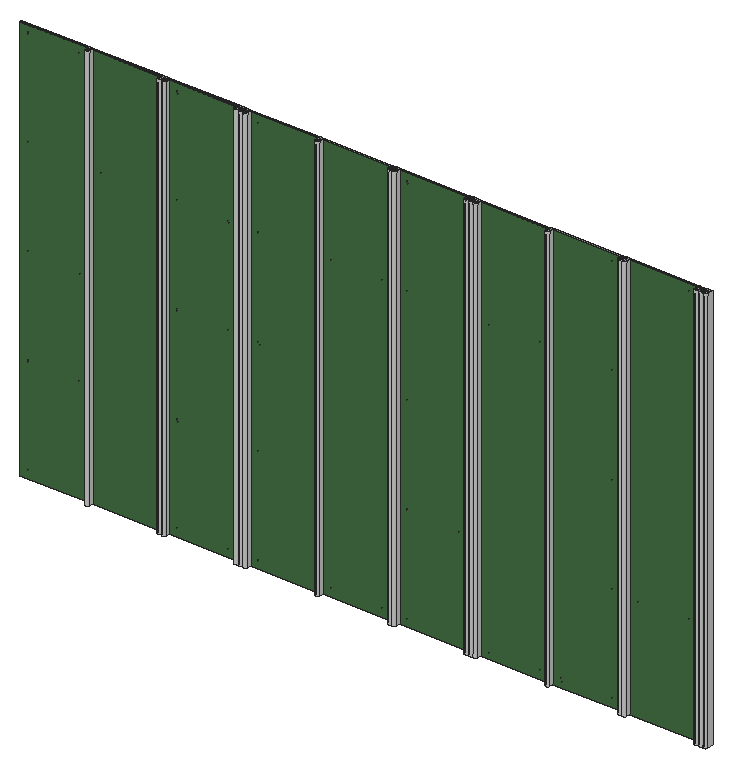
Revit family "SUR-FPG-023_RFA", category Modelos genéricos, Revit 2022
Family settings
  Puede alojar armadura = No
  Cota de conector redondo = Diámetro de uso
  Tipo de pieza = Normal
  Se basa en plano de trabajo = No
  Siempre vertical = Sí
  Corte con vacíos al cargar = No
  Mantener orientación de anotación = No
  Compartido = No
  Punto de cálculo de habitación = No
Parameters
  Elevación por defecto = 0.00"
Reference planes (in)
  plane 1 "Centro (Frontal/Posterior)": y = 0
  plane 2: z = 0
  plane 3 "Centro (Izquierda/Derecha)": x = 0
Forms (in)
  Extrusion 1, solid
    sketch origin (0, 0, 0) x (1, 0, 0) y (0, 0, 1)
      loop
        line (0, 108) -> (0, 0) -> (18, 0) -> (18, 108) -> (0, 108)
      loop
        circle (16.08964, 2.00678) r 0.5
      loop
        circle (2.49566, 2.00678) r 0.5
      loop
        circle (16.08964, 28.00678) r 0.5
      loop
        circle (2.49566, 28.00678) r 0.5
      loop
        circle (16.08964, 54.00678) r 0.5
      loop
        circle (2.49566, 54.00678) r 0.5
      loop
        circle (16.08964, 80.00678) r 0.5
      loop
        circle (2.49566, 80.00678) r 0.5
      loop
        circle (16.08964, 106.00678) r 0.5
      loop
        circle (2.49566, 106.00678) r 0.5
    from -2 to -1.52756
  Extrusion 2, solid
    sketch origin (0, 0, 0) x (1, 0, 0) y (0, 0, 1)
      loop
        line (0, 108) -> (0, 0) -> (18, 0) -> (18, 108) -> (0, 108)
    from -1.52756 to -1.40945
  Extrusion 3, solid
    sketch origin (0, 0, 0) x (1, 0, 0) y (0, 0, 1)
      loop
        line (18.59055, 0) -> (18.59055, 108) -> (18.11811, 108) -> (18.11811, 0) -> (18.59055, 0)
    from -2 to -0.59055
  Extrusion 4, solid
    sketch origin (0.47244, 0, 0) x (1, 0, 0) y (0, 0, 1)
      loop
        line (18.59055, 0) -> (18.59055, 108) -> (18.11811, 108) -> (18.11811, 0) -> (18.59055, 0)
    from -2 to -0.59055
  Extrusion 5, solid
    sketch origin (0, 0, 0) x (1, 0, 0) y (0, 1, 0)
      loop
        line (18, 2) -> (18, 0.59055)
        arc (18, 0.59055) -> (18.59055, 0) -> (19.1811, 0.59055) r 0.59055
        line (19.1811, 0.59055) -> (19.1811, 2) -> (19.06299, 2) -> (19.06299, 0.59055)
        arc (19.06299, 0.59055) -> (18.59055, 0.11811) -> (18.11811, 0.59055) r 0.47244
        line (18.11811, 0.59055) -> (18.11811, 2) -> (18, 2)
    from 0 to 108
  Extrusion 6, solid, not visible
    sketch origin (0, 0, 0) x (1, 0, 0) y (0, 0, 1)
      loop
        line (18.59055, 0) -> (18.59055, 108) -> (18.11811, 108) -> (18.11811, 0) -> (18.59055, 0)
    from -2 to -0.59055
  Extrusion 7, solid, not visible
    sketch origin (0.47244, 0, 0) x (1, 0, 0) y (0, 0, 1)
      loop
        line (18.59055, 0) -> (18.59055, 108) -> (18.11811, 108) -> (18.11811, 0) -> (18.59055, 0)
    from -2 to -0.59055
  Extrusion 8, solid, not visible
    sketch origin (0, 0, 0) x (1, 0, 0) y (0, 1, 0)
      loop
        line (18, 2) -> (18, 0.59055)
        arc (18, 0.59055) -> (18.59055, 0) -> (19.1811, 0.59055) r 0.59055
        line (19.1811, 0.59055) -> (19.1811, 2) -> (19.06299, 2) -> (19.06299, 0.59055)
        arc (19.06299, 0.59055) -> (18.59055, 0.11811) -> (18.11811, 0.59055) r 0.47244
        line (18.11811, 0.59055) -> (18.11811, 2) -> (18, 2)
    from 0 to 108
  Extrusion 9, solid
    sketch origin (19.1811, 0, 0) x (1, 0, 0) y (0, 0, 1)
      loop
        line (0, 108) -> (0, 0) -> (18, 0) -> (18, 108) -> (0, 108)
      loop
        circle (16.08964, 2.00678) r 0.5
      loop
        circle (2.49566, 2.00678) r 0.5
      loop
        circle (16.08964, 28.00678) r 0.5
      loop
        circle (2.49566, 28.00678) r 0.5
      loop
        circle (16.08964, 54.00678) r 0.5
      loop
        circle (2.49566, 54.00678) r 0.5
      loop
        circle (16.08964, 80.00678) r 0.5
      loop
        circle (2.49566, 80.00678) r 0.5
      loop
        circle (16.08964, 106.00678) r 0.5
      loop
        circle (2.49566, 106.00678) r 0.5
    from -2 to -1.52756
  Extrusion 10, solid
    sketch origin (19.1811, 0, 0) x (1, 0, 0) y (0, 0, 1)
      loop
        line (0, 108) -> (0, 0) -> (18, 0) -> (18, 108) -> (0, 108)
    from -1.52756 to -1.40945
  Extrusion 11, solid
    sketch origin (19.1811, 0, 0) x (1, 0, 0) y (0, 0, 1)
      loop
        line (18.59055, 0) -> (18.59055, 108) -> (18.11811, 108) -> (18.11811, 0) -> (18.59055, 0)
    from -2 to -0.59055
  Extrusion 12, solid
    sketch origin (19.65354, 0, 0) x (1, 0, 0) y (0, 0, 1)
      loop
        line (18.59055, 0) -> (18.59055, 108) -> (18.11811, 108) -> (18.11811, 0) -> (18.59055, 0)
    from -2 to -0.59055
  Extrusion 13, solid
    sketch origin (19.1811, 0, 0) x (1, 0, 0) y (0, 1, 0)
      loop
        line (18, 2) -> (18, 0.59055)
        arc (18, 0.59055) -> (18.59055, 0) -> (19.1811, 0.59055) r 0.59055
        line (19.1811, 0.59055) -> (19.1811, 2) -> (19.06299, 2) -> (19.06299, 0.59055)
        arc (19.06299, 0.59055) -> (18.59055, 0.11811) -> (18.11811, 0.59055) r 0.47244
        line (18.11811, 0.59055) -> (18.11811, 2) -> (18, 2)
    from 0 to 108
  Extrusion 14, solid
    sketch origin (20.36215, 0, 0) x (1, 0, 0) y (0, 0, 1)
      loop
        line (18.59055, 0) -> (18.59055, 108) -> (18.11811, 108) -> (18.11811, 0) -> (18.59055, 0)
    from -2 to -0.59055
  Extrusion 15, solid
    sketch origin (20.83459, 0, 0) x (1, 0, 0) y (0, 0, 1)
      loop
        line (18.59055, 0) -> (18.59055, 108) -> (18.11811, 108) -> (18.11811, 0) -> (18.59055, 0)
    from -2 to -0.59055
  Extrusion 16, solid
    sketch origin (20.36215, 0, 0) x (1, 0, 0) y (0, 1, 0)
      loop
        line (18, 2) -> (18, 0.59055)
        arc (18, 0.59055) -> (18.59055, 0) -> (19.1811, 0.59055) r 0.59055
        line (19.1811, 0.59055) -> (19.1811, 2) -> (19.06299, 2) -> (19.06299, 0.59055)
        arc (19.06299, 0.59055) -> (18.59055, 0.11811) -> (18.11811, 0.59055) r 0.47244
        line (18.11811, 0.59055) -> (18.11811, 2) -> (18, 2)
    from 0 to 108
  Extrusion 17, solid
    sketch origin (39.54325, 0, 0) x (1, 0, 0) y (0, 0, 1)
      loop
        line (0, 108) -> (0, 0) -> (18, 0) -> (18, 108) -> (0, 108)
      loop
        circle (16.08964, 2.00678) r 0.5
      loop
        circle (2.49566, 2.00678) r 0.5
      loop
        circle (16.08964, 28.00678) r 0.5
      loop
        circle (2.49566, 28.00678) r 0.5
      loop
        circle (16.08964, 54.00678) r 0.5
      loop
        circle (2.49566, 54.00678) r 0.5
      loop
        circle (16.08964, 80.00678) r 0.5
      loop
        circle (2.49566, 80.00678) r 0.5
      loop
        circle (16.08964, 106.00678) r 0.5
      loop
        circle (2.49566, 106.00678) r 0.5
    from -2 to -1.52756
  Extrusion 18, solid
    sketch origin (39.54325, 0, 0) x (1, 0, 0) y (0, 0, 1)
      loop
        line (0, 108) -> (0, 0) -> (18, 0) -> (18, 108) -> (0, 108)
    from -1.52756 to -1.40945
  Extrusion 19, solid
    sketch origin (39.54325, 0, 0) x (1, 0, 0) y (0, 0, 1)
      loop
        line (18.59055, 0) -> (18.59055, 108) -> (18.11811, 108) -> (18.11811, 0) -> (18.59055, 0)
    from -2 to -0.59055
  Extrusion 20, solid
    sketch origin (40.01569, 0, 0) x (1, 0, 0) y (0, 0, 1)
      loop
        line (18.59055, 0) -> (18.59055, 108) -> (18.11811, 108) -> (18.11811, 0) -> (18.59055, 0)
    from -2 to -0.59055
  Extrusion 21, solid
    sketch origin (39.54325, 0, 0) x (1, 0, 0) y (0, 1, 0)
      loop
        line (18, 2) -> (18, 0.59055)
        arc (18, 0.59055) -> (18.59055, 0) -> (19.1811, 0.59055) r 0.59055
        line (19.1811, 0.59055) -> (19.1811, 2) -> (19.06299, 2) -> (19.06299, 0.59055)
        arc (19.06299, 0.59055) -> (18.59055, 0.11811) -> (18.11811, 0.59055) r 0.47244
        line (18.11811, 0.59055) -> (18.11811, 2) -> (18, 2)
    from 0 to 108
  Extrusion 22, solid
    sketch origin (40.7243, 0, 0) x (1, 0, 0) y (0, 0, 1)
      loop
        line (18.59055, 0) -> (18.59055, 108) -> (18.11811, 108) -> (18.11811, 0) -> (18.59055, 0)
    from -2 to -0.59055
  Extrusion 23, solid
    sketch origin (41.19674, 0, 0) x (1, 0, 0) y (0, 0, 1)
      loop
        line (18.59055, 0) -> (18.59055, 108) -> (18.11811, 108) -> (18.11811, 0) -> (18.59055, 0)
    from -2 to -0.59055
  Extrusion 24, solid
    sketch origin (40.7243, 0, 0) x (1, 0, 0) y (0, 1, 0)
      loop
        line (18, 2) -> (18, 0.59055)
        arc (18, 0.59055) -> (18.59055, 0) -> (19.1811, 0.59055) r 0.59055
        line (19.1811, 0.59055) -> (19.1811, 2) -> (19.06299, 2) -> (19.06299, 0.59055)
        arc (19.06299, 0.59055) -> (18.59055, 0.11811) -> (18.11811, 0.59055) r 0.47244
        line (18.11811, 0.59055) -> (18.11811, 2) -> (18, 2)
    from 0 to 108
  Extrusion 25, solid
    sketch origin (41.9054, 0, 0) x (1, 0, 0) y (0, 0, 1)
      loop
        line (18.59055, 0) -> (18.59055, 108) -> (18.11811, 108) -> (18.11811, 0) -> (18.59055, 0)
    from -2 to -0.59055
  Extrusion 26, solid
    sketch origin (42.37784, 0, 0) x (1, 0, 0) y (0, 0, 1)
      loop
        line (18.59055, 0) -> (18.59055, 108) -> (18.11811, 108) -> (18.11811, 0) -> (18.59055, 0)
    from -2 to -0.59055
  Extrusion 27, solid
    sketch origin (41.9054, 0, 0) x (1, 0, 0) y (0, 1, 0)
      loop
        line (18, 2) -> (18, 0.59055)
        arc (18, 0.59055) -> (18.59055, 0) -> (19.1811, 0.59055) r 0.59055
        line (19.1811, 0.59055) -> (19.1811, 2) -> (19.06299, 2) -> (19.06299, 0.59055)
        arc (19.06299, 0.59055) -> (18.59055, 0.11811) -> (18.11811, 0.59055) r 0.47244
        line (18.11811, 0.59055) -> (18.11811, 2) -> (18, 2)
    from 0 to 108
  Extrusion 28, solid, not visible
    sketch origin (0, 0, 0) x (1, 0, 0) y (0, 0, 1)
      loop
        line (0, 108) -> (0, 0) -> (18, 0) -> (18, 108) -> (0, 108)
      loop
        circle (16.08964, 2.00678) r 0.5
      loop
        circle (2.49566, 2.00678) r 0.5
      loop
        circle (16.08964, 28.00678) r 0.5
      loop
        circle (2.49566, 28.00678) r 0.5
      loop
        circle (16.08964, 54.00678) r 0.5
      loop
        circle (2.49566, 54.00678) r 0.5
      loop
        circle (16.08964, 80.00678) r 0.5
      loop
        circle (2.49566, 80.00678) r 0.5
      loop
        circle (16.08964, 106.00678) r 0.5
      loop
        circle (2.49566, 106.00678) r 0.5
    from -2 to -1.52756
  Extrusion 29, solid, not visible
    sketch origin (0, 0, 0) x (1, 0, 0) y (0, 0, 1)
      loop
        line (0, 108) -> (0, 0) -> (18, 0) -> (18, 108) -> (0, 108)
    from -1.52756 to -1.40945
  Extrusion 30, solid, not visible
    sketch origin (0, 0, 0) x (1, 0, 0) y (0, 0, 1)
      loop
        line (18.59055, 0) -> (18.59055, 108) -> (18.11811, 108) -> (18.11811, 0) -> (18.59055, 0)
    from -2 to -0.59055
  Extrusion 31, solid, not visible
    sketch origin (0.47244, 0, 0) x (1, 0, 0) y (0, 0, 1)
      loop
        line (18.59055, 0) -> (18.59055, 108) -> (18.11811, 108) -> (18.11811, 0) -> (18.59055, 0)
    from -2 to -0.59055
  Extrusion 32, solid, not visible
    sketch origin (0, 0, 0) x (1, 0, 0) y (0, 1, 0)
      loop
        line (18, 2) -> (18, 0.59055)
        arc (18, 0.59055) -> (18.59055, 0) -> (19.1811, 0.59055) r 0.59055
        line (19.1811, 0.59055) -> (19.1811, 2) -> (19.06299, 2) -> (19.06299, 0.59055)
        arc (19.06299, 0.59055) -> (18.59055, 0.11811) -> (18.11811, 0.59055) r 0.47244
        line (18.11811, 0.59055) -> (18.11811, 2) -> (18, 2)
    from 0 to 108
  Extrusion 33, solid, not visible
    sketch origin (19.1811, 0, 0) x (1, 0, 0) y (0, 0, 1)
      loop
        line (0, 108) -> (0, 0) -> (18, 0) -> (18, 108) -> (0, 108)
      loop
        circle (16.08964, 2.00678) r 0.5
      loop
        circle (2.49566, 2.00678) r 0.5
      loop
        circle (16.08964, 28.00678) r 0.5
      loop
        circle (2.49566, 28.00678) r 0.5
      loop
        circle (16.08964, 54.00678) r 0.5
      loop
        circle (2.49566, 54.00678) r 0.5
      loop
        circle (16.08964, 80.00678) r 0.5
      loop
        circle (2.49566, 80.00678) r 0.5
      loop
        circle (16.08964, 106.00678) r 0.5
      loop
        circle (2.49566, 106.00678) r 0.5
    from -2 to -1.52756
  Extrusion 34, solid, not visible
    sketch origin (19.1811, 0, 0) x (1, 0, 0) y (0, 0, 1)
      loop
        line (0, 108) -> (0, 0) -> (18, 0) -> (18, 108) -> (0, 108)
    from -1.52756 to -1.40945
  Extrusion 35, solid, not visible
    sketch origin (19.1811, 0, 0) x (1, 0, 0) y (0, 0, 1)
      loop
        line (18.59055, 0) -> (18.59055, 108) -> (18.11811, 108) -> (18.11811, 0) -> (18.59055, 0)
    from -2 to -0.59055
  Extrusion 36, solid, not visible
    sketch origin (19.65354, 0, 0) x (1, 0, 0) y (0, 0, 1)
      loop
        line (18.59055, 0) -> (18.59055, 108) -> (18.11811, 108) -> (18.11811, 0) -> (18.59055, 0)
    from -2 to -0.59055
  Extrusion 37, solid, not visible
    sketch origin (19.1811, 0, 0) x (1, 0, 0) y (0, 1, 0)
      loop
        line (18, 2) -> (18, 0.59055)
        arc (18, 0.59055) -> (18.59055, 0) -> (19.1811, 0.59055) r 0.59055
        line (19.1811, 0.59055) -> (19.1811, 2) -> (19.06299, 2) -> (19.06299, 0.59055)
        arc (19.06299, 0.59055) -> (18.59055, 0.11811) -> (18.11811, 0.59055) r 0.47244
        line (18.11811, 0.59055) -> (18.11811, 2) -> (18, 2)
    from 0 to 108
  Extrusion 38, solid, not visible
    sketch origin (20.36215, 0, 0) x (1, 0, 0) y (0, 0, 1)
      loop
        line (18.59055, 0) -> (18.59055, 108) -> (18.11811, 108) -> (18.11811, 0) -> (18.59055, 0)
    from -2 to -0.59055
  Extrusion 39, solid, not visible
    sketch origin (20.83459, 0, 0) x (1, 0, 0) y (0, 0, 1)
      loop
        line (18.59055, 0) -> (18.59055, 108) -> (18.11811, 108) -> (18.11811, 0) -> (18.59055, 0)
    from -2 to -0.59055
  Extrusion 40, solid, not visible
    sketch origin (20.36215, 0, 0) x (1, 0, 0) y (0, 1, 0)
      loop
        line (18, 2) -> (18, 0.59055)
        arc (18, 0.59055) -> (18.59055, 0) -> (19.1811, 0.59055) r 0.59055
        line (19.1811, 0.59055) -> (19.1811, 2) -> (19.06299, 2) -> (19.06299, 0.59055)
        arc (19.06299, 0.59055) -> (18.59055, 0.11811) -> (18.11811, 0.59055) r 0.47244
        line (18.11811, 0.59055) -> (18.11811, 2) -> (18, 2)
    from 0 to 108
  Extrusion 41, solid, not visible
    sketch origin (39.54325, 0, 0) x (1, 0, 0) y (0, 0, 1)
      loop
        line (0, 108) -> (0, 0) -> (18, 0) -> (18, 108) -> (0, 108)
      loop
        circle (16.08964, 2.00678) r 0.5
      loop
        circle (2.49566, 2.00678) r 0.5
      loop
        circle (16.08964, 28.00678) r 0.5
      loop
        circle (2.49566, 28.00678) r 0.5
      loop
        circle (16.08964, 54.00678) r 0.5
      loop
        circle (2.49566, 54.00678) r 0.5
      loop
        circle (16.08964, 80.00678) r 0.5
      loop
        circle (2.49566, 80.00678) r 0.5
      loop
        circle (16.08964, 106.00678) r 0.5
      loop
        circle (2.49566, 106.00678) r 0.5
    from -2 to -1.52756
  Extrusion 42, solid, not visible
    sketch origin (39.54325, 0, 0) x (1, 0, 0) y (0, 0, 1)
      loop
        line (0, 108) -> (0, 0) -> (18, 0) -> (18, 108) -> (0, 108)
    from -1.52756 to -1.40945
  Extrusion 43, solid, not visible
    sketch origin (39.54325, 0, 0) x (1, 0, 0) y (0, 0, 1)
      loop
        line (18.59055, 0) -> (18.59055, 108) -> (18.11811, 108) -> (18.11811, 0) -> (18.59055, 0)
    from -2 to -0.59055
  Extrusion 44, solid, not visible
    sketch origin (40.01569, 0, 0) x (1, 0, 0) y (0, 0, 1)
      loop
        line (18.59055, 0) -> (18.59055, 108) -> (18.11811, 108) -> (18.11811, 0) -> (18.59055, 0)
    from -2 to -0.59055
  Extrusion 45, solid, not visible
    sketch origin (39.54325, 0, 0) x (1, 0, 0) y (0, 1, 0)
      loop
        line (18, 2) -> (18, 0.59055)
        arc (18, 0.59055) -> (18.59055, 0) -> (19.1811, 0.59055) r 0.59055
        line (19.1811, 0.59055) -> (19.1811, 2) -> (19.06299, 2) -> (19.06299, 0.59055)
        arc (19.06299, 0.59055) -> (18.59055, 0.11811) -> (18.11811, 0.59055) r 0.47244
        line (18.11811, 0.59055) -> (18.11811, 2) -> (18, 2)
    from 0 to 108
  Extrusion 46, solid, not visible
    sketch origin (40.7243, 0, 0) x (1, 0, 0) y (0, 0, 1)
      loop
        line (18.59055, 0) -> (18.59055, 108) -> (18.11811, 108) -> (18.11811, 0) -> (18.59055, 0)
    from -2 to -0.59055
  Extrusion 47, solid, not visible
    sketch origin (41.19674, 0, 0) x (1, 0, 0) y (0, 0, 1)
      loop
        line (18.59055, 0) -> (18.59055, 108) -> (18.11811, 108) -> (18.11811, 0) -> (18.59055, 0)
    from -2 to -0.59055
  Extrusion 48, solid, not visible
    sketch origin (40.7243, 0, 0) x (1, 0, 0) y (0, 1, 0)
      loop
        line (18, 2) -> (18, 0.59055)
        arc (18, 0.59055) -> (18.59055, 0) -> (19.1811, 0.59055) r 0.59055
        line (19.1811, 0.59055) -> (19.1811, 2) -> (19.06299, 2) -> (19.06299, 0.59055)
        arc (19.06299, 0.59055) -> (18.59055, 0.11811) -> (18.11811, 0.59055) r 0.47244
        line (18.11811, 0.59055) -> (18.11811, 2) -> (18, 2)
    from 0 to 108
  Extrusion 49, solid, not visible
    sketch origin (41.9054, 0, 0) x (1, 0, 0) y (0, 0, 1)
      loop
        line (18.59055, 0) -> (18.59055, 108) -> (18.11811, 108) -> (18.11811, 0) -> (18.59055, 0)
    from -2 to -0.59055
  Extrusion 50, solid, not visible
    sketch origin (42.37784, 0, 0) x (1, 0, 0) y (0, 0, 1)
      loop
        line (18.59055, 0) -> (18.59055, 108) -> (18.11811, 108) -> (18.11811, 0) -> (18.59055, 0)
    from -2 to -0.59055
  Extrusion 51, solid, not visible
    sketch origin (41.9054, 0, 0) x (1, 0, 0) y (0, 1, 0)
      loop
        line (18, 2) -> (18, 0.59055)
        arc (18, 0.59055) -> (18.59055, 0) -> (19.1811, 0.59055) r 0.59055
        line (19.1811, 0.59055) -> (19.1811, 2) -> (19.06299, 2) -> (19.06299, 0.59055)
        arc (19.06299, 0.59055) -> (18.59055, 0.11811) -> (18.11811, 0.59055) r 0.47244
        line (18.11811, 0.59055) -> (18.11811, 2) -> (18, 2)
    from 0 to 108
  Extrusion 52, solid
    sketch origin (61.087, 0, 0) x (1, 0, 0) y (0, 0, 1)
      loop
        line (0, 108) -> (0, 0) -> (18, 0) -> (18, 108) -> (0, 108)
      loop
        circle (16.08964, 2.00678) r 0.5
      loop
        circle (2.49566, 2.00678) r 0.5
      loop
        circle (16.08964, 28.00678) r 0.5
      loop
        circle (2.49566, 28.00678) r 0.5
      loop
        circle (16.08964, 54.00678) r 0.5
      loop
        circle (2.49566, 54.00678) r 0.5
      loop
        circle (16.08964, 80.00678) r 0.5
      loop
        circle (2.49566, 80.00678) r 0.5
      loop
        circle (16.08964, 106.00678) r 0.5
      loop
        circle (2.49566, 106.00678) r 0.5
    from -2 to -1.52756
  Extrusion 53, solid
    sketch origin (61.087, 0, 0) x (1, 0, 0) y (0, 0, 1)
      loop
        line (0, 108) -> (0, 0) -> (18, 0) -> (18, 108) -> (0, 108)
    from -1.52756 to -1.40945
  Extrusion 54, solid
    sketch origin (61.087, 0, 0) x (1, 0, 0) y (0, 0, 1)
      loop
        line (18.59055, 0) -> (18.59055, 108) -> (18.11811, 108) -> (18.11811, 0) -> (18.59055, 0)
    from -2 to -0.59055
  Extrusion 55, solid
    sketch origin (61.55944, 0, 0) x (1, 0, 0) y (0, 0, 1)
      loop
        line (18.59055, 0) -> (18.59055, 108) -> (18.11811, 108) -> (18.11811, 0) -> (18.59055, 0)
    from -2 to -0.59055
  Extrusion 56, solid
    sketch origin (61.087, 0, 0) x (1, 0, 0) y (0, 1, 0)
      loop
        line (18, 2) -> (18, 0.59055)
        arc (18, 0.59055) -> (18.59055, 0) -> (19.1811, 0.59055) r 0.59055
        line (19.1811, 0.59055) -> (19.1811, 2) -> (19.06299, 2) -> (19.06299, 0.59055)
        arc (19.06299, 0.59055) -> (18.59055, 0.11811) -> (18.11811, 0.59055) r 0.47244
        line (18.11811, 0.59055) -> (18.11811, 2) -> (18, 2)
    from 0 to 108
  Extrusion 57, solid
    sketch origin (80.2681, 0, 0) x (1, 0, 0) y (0, 0, 1)
      loop
        line (0, 108) -> (0, 0) -> (18, 0) -> (18, 108) -> (0, 108)
      loop
        circle (16.08964, 2.00678) r 0.5
      loop
        circle (2.49566, 2.00678) r 0.5
      loop
        circle (16.08964, 28.00678) r 0.5
      loop
        circle (2.49566, 28.00678) r 0.5
      loop
        circle (16.08964, 54.00678) r 0.5
      loop
        circle (2.49566, 54.00678) r 0.5
      loop
        circle (16.08964, 80.00678) r 0.5
      loop
        circle (2.49566, 80.00678) r 0.5
      loop
        circle (16.08964, 106.00678) r 0.5
      loop
        circle (2.49566, 106.00678) r 0.5
    from -2 to -1.52756
  Extrusion 58, solid
    sketch origin (80.2681, 0, 0) x (1, 0, 0) y (0, 0, 1)
      loop
        line (0, 108) -> (0, 0) -> (18, 0) -> (18, 108) -> (0, 108)
    from -1.52756 to -1.40945
  Extrusion 59, solid
    sketch origin (80.2681, 0, 0) x (1, 0, 0) y (0, 0, 1)
      loop
        line (18.59055, 0) -> (18.59055, 108) -> (18.11811, 108) -> (18.11811, 0) -> (18.59055, 0)
    from -2 to -0.59055
  Extrusion 60, solid
    sketch origin (80.74054, 0, 0) x (1, 0, 0) y (0, 0, 1)
      loop
        line (18.59055, 0) -> (18.59055, 108) -> (18.11811, 108) -> (18.11811, 0) -> (18.59055, 0)
    from -2 to -0.59055
  Extrusion 61, solid
    sketch origin (80.2681, 0, 0) x (1, 0, 0) y (0, 1, 0)
      loop
        line (18, 2) -> (18, 0.59055)
        arc (18, 0.59055) -> (18.59055, 0) -> (19.1811, 0.59055) r 0.59055
        line (19.1811, 0.59055) -> (19.1811, 2) -> (19.06299, 2) -> (19.06299, 0.59055)
        arc (19.06299, 0.59055) -> (18.59055, 0.11811) -> (18.11811, 0.59055) r 0.47244
        line (18.11811, 0.59055) -> (18.11811, 2) -> (18, 2)
    from 0 to 108
  Extrusion 62, solid
    sketch origin (81.44915, 0, 0) x (1, 0, 0) y (0, 0, 1)
      loop
        line (18.59055, 0) -> (18.59055, 108) -> (18.11811, 108) -> (18.11811, 0) -> (18.59055, 0)
    from -2 to -0.59055
  Extrusion 63, solid
    sketch origin (81.92159, 0, 0) x (1, 0, 0) y (0, 0, 1)
      loop
        line (18.59055, 0) -> (18.59055, 108) -> (18.11811, 108) -> (18.11811, 0) -> (18.59055, 0)
    from -2 to -0.59055
  Extrusion 64, solid
    sketch origin (81.44915, 0, 0) x (1, 0, 0) y (0, 1, 0)
      loop
        line (18, 2) -> (18, 0.59055)
        arc (18, 0.59055) -> (18.59055, 0) -> (19.1811, 0.59055) r 0.59055
        line (19.1811, 0.59055) -> (19.1811, 2) -> (19.06299, 2) -> (19.06299, 0.59055)
        arc (19.06299, 0.59055) -> (18.59055, 0.11811) -> (18.11811, 0.59055) r 0.47244
        line (18.11811, 0.59055) -> (18.11811, 2) -> (18, 2)
    from 0 to 108
  Extrusion 65, solid
    sketch origin (100.63025, 0, 0) x (1, 0, 0) y (0, 0, 1)
      loop
        line (0, 108) -> (0, 0) -> (18, 0) -> (18, 108) -> (0, 108)
      loop
        circle (16.08964, 2.00678) r 0.5
      loop
        circle (2.49566, 2.00678) r 0.5
      loop
        circle (16.08964, 28.00678) r 0.5
      loop
        circle (2.49566, 28.00678) r 0.5
      loop
        circle (16.08964, 54.00678) r 0.5
      loop
        circle (2.49566, 54.00678) r 0.5
      loop
        circle (16.08964, 80.00678) r 0.5
      loop
        circle (2.49566, 80.00678) r 0.5
      loop
        circle (16.08964, 106.00678) r 0.5
      loop
        circle (2.49566, 106.00678) r 0.5
    from -2 to -1.52756
  Extrusion 66, solid
    sketch origin (100.63025, 0, 0) x (1, 0, 0) y (0, 0, 1)
      loop
        line (0, 108) -> (0, 0) -> (18, 0) -> (18, 108) -> (0, 108)
    from -1.52756 to -1.40945
  Extrusion 67, solid
    sketch origin (100.63025, 0, 0) x (1, 0, 0) y (0, 0, 1)
      loop
        line (18.59055, 0) -> (18.59055, 108) -> (18.11811, 108) -> (18.11811, 0) -> (18.59055, 0)
    from -2 to -0.59055
  Extrusion 68, solid
    sketch origin (101.10269, 0, 0) x (1, 0, 0) y (0, 0, 1)
      loop
        line (18.59055, 0) -> (18.59055, 108) -> (18.11811, 108) -> (18.11811, 0) -> (18.59055, 0)
    from -2 to -0.59055
  Extrusion 69, solid
    sketch origin (100.63025, 0, 0) x (1, 0, 0) y (0, 1, 0)
      loop
        line (18, 2) -> (18, 0.59055)
        arc (18, 0.59055) -> (18.59055, 0) -> (19.1811, 0.59055) r 0.59055
        line (19.1811, 0.59055) -> (19.1811, 2) -> (19.06299, 2) -> (19.06299, 0.59055)
        arc (19.06299, 0.59055) -> (18.59055, 0.11811) -> (18.11811, 0.59055) r 0.47244
        line (18.11811, 0.59055) -> (18.11811, 2) -> (18, 2)
    from 0 to 108
  Extrusion 70, solid
    sketch origin (101.8113, 0, 0) x (1, 0, 0) y (0, 0, 1)
      loop
        line (18.59055, 0) -> (18.59055, 108) -> (18.11811, 108) -> (18.11811, 0) -> (18.59055, 0)
    from -2 to -0.59055
  Extrusion 71, solid
    sketch origin (102.28374, 0, 0) x (1, 0, 0) y (0, 0, 1)
      loop
        line (18.59055, 0) -> (18.59055, 108) -> (18.11811, 108) -> (18.11811, 0) -> (18.59055, 0)
    from -2 to -0.59055
  Extrusion 72, solid
    sketch origin (101.8113, 0, 0) x (1, 0, 0) y (0, 1, 0)
      loop
        line (18, 2) -> (18, 0.59055)
        arc (18, 0.59055) -> (18.59055, 0) -> (19.1811, 0.59055) r 0.59055
        line (19.1811, 0.59055) -> (19.1811, 2) -> (19.06299, 2) -> (19.06299, 0.59055)
        arc (19.06299, 0.59055) -> (18.59055, 0.11811) -> (18.11811, 0.59055) r 0.47244
        line (18.11811, 0.59055) -> (18.11811, 2) -> (18, 2)
    from 0 to 108
  Extrusion 73, solid
    sketch origin (102.9924, 0, 0) x (1, 0, 0) y (0, 0, 1)
      loop
        line (18.59055, 0) -> (18.59055, 108) -> (18.11811, 108) -> (18.11811, 0) -> (18.59055, 0)
    from -2 to -0.59055
  Extrusion 74, solid
    sketch origin (103.46484, 0, 0) x (1, 0, 0) y (0, 0, 1)
      loop
        line (18.59055, 0) -> (18.59055, 108) -> (18.11811, 108) -> (18.11811, 0) -> (18.59055, 0)
    from -2 to -0.59055
  Extrusion 75, solid
    sketch origin (102.9924, 0, 0) x (1, 0, 0) y (0, 1, 0)
      loop
        line (18, 2) -> (18, 0.59055)
        arc (18, 0.59055) -> (18.59055, 0) -> (19.1811, 0.59055) r 0.59055
        line (19.1811, 0.59055) -> (19.1811, 2) -> (19.06299, 2) -> (19.06299, 0.59055)
        arc (19.06299, 0.59055) -> (18.59055, 0.11811) -> (18.11811, 0.59055) r 0.47244
        line (18.11811, 0.59055) -> (18.11811, 2) -> (18, 2)
    from 0 to 108
  Extrusion 76, solid
    sketch origin (122.174, 0, 0) x (1, 0, 0) y (0, 0, 1)
      loop
        line (0, 108) -> (0, 0) -> (18, 0) -> (18, 108) -> (0, 108)
      loop
        circle (16.08964, 2.00678) r 0.5
      loop
        circle (2.49566, 2.00678) r 0.5
      loop
        circle (16.08964, 28.00678) r 0.5
      loop
        circle (2.49566, 28.00678) r 0.5
      loop
        circle (16.08964, 54.00678) r 0.5
      loop
        circle (2.49566, 54.00678) r 0.5
      loop
        circle (16.08964, 80.00678) r 0.5
      loop
        circle (2.49566, 80.00678) r 0.5
      loop
        circle (16.08964, 106.00678) r 0.5
      loop
        circle (2.49566, 106.00678) r 0.5
    from -2 to -1.52756
  Extrusion 77, solid
    sketch origin (122.174, 0, 0) x (1, 0, 0) y (0, 0, 1)
      loop
        line (0, 108) -> (0, 0) -> (18, 0) -> (18, 108) -> (0, 108)
    from -1.52756 to -1.40945
  Extrusion 78, solid
    sketch origin (122.174, 0, 0) x (1, 0, 0) y (0, 0, 1)
      loop
        line (18.59055, 0) -> (18.59055, 108) -> (18.11811, 108) -> (18.11811, 0) -> (18.59055, 0)
    from -2 to -0.59055
  Extrusion 79, solid
    sketch origin (122.64644, 0, 0) x (1, 0, 0) y (0, 0, 1)
      loop
        line (18.59055, 0) -> (18.59055, 108) -> (18.11811, 108) -> (18.11811, 0) -> (18.59055, 0)
    from -2 to -0.59055
  Extrusion 80, solid
    sketch origin (122.174, 0, 0) x (1, 0, 0) y (0, 1, 0)
      loop
        line (18, 2) -> (18, 0.59055)
        arc (18, 0.59055) -> (18.59055, 0) -> (19.1811, 0.59055) r 0.59055
        line (19.1811, 0.59055) -> (19.1811, 2) -> (19.06299, 2) -> (19.06299, 0.59055)
        arc (19.06299, 0.59055) -> (18.59055, 0.11811) -> (18.11811, 0.59055) r 0.47244
        line (18.11811, 0.59055) -> (18.11811, 2) -> (18, 2)
    from 0 to 108
  Extrusion 81, solid
    sketch origin (141.3551, 0, 0) x (1, 0, 0) y (0, 0, 1)
      loop
        line (0, 108) -> (0, 0) -> (18, 0) -> (18, 108) -> (0, 108)
      loop
        circle (16.08964, 2.00678) r 0.5
      loop
        circle (2.49566, 2.00678) r 0.5
      loop
        circle (16.08964, 28.00678) r 0.5
      loop
        circle (2.49566, 28.00678) r 0.5
      loop
        circle (16.08964, 54.00678) r 0.5
      loop
        circle (2.49566, 54.00678) r 0.5
      loop
        circle (16.08964, 80.00678) r 0.5
      loop
        circle (2.49566, 80.00678) r 0.5
      loop
        circle (16.08964, 106.00678) r 0.5
      loop
        circle (2.49566, 106.00678) r 0.5
    from -2 to -1.52756
  Extrusion 82, solid
    sketch origin (141.3551, 0, 0) x (1, 0, 0) y (0, 0, 1)
      loop
        line (0, 108) -> (0, 0) -> (18, 0) -> (18, 108) -> (0, 108)
    from -1.52756 to -1.40945
  Extrusion 83, solid
    sketch origin (141.3551, 0, 0) x (1, 0, 0) y (0, 0, 1)
      loop
        line (18.59055, 0) -> (18.59055, 108) -> (18.11811, 108) -> (18.11811, 0) -> (18.59055, 0)
    from -2 to -0.59055
  Extrusion 84, solid
    sketch origin (141.82754, 0, 0) x (1, 0, 0) y (0, 0, 1)
      loop
        line (18.59055, 0) -> (18.59055, 108) -> (18.11811, 108) -> (18.11811, 0) -> (18.59055, 0)
    from -2 to -0.59055
  Extrusion 85, solid
    sketch origin (141.3551, 0, 0) x (1, 0, 0) y (0, 1, 0)
      loop
        line (18, 2) -> (18, 0.59055)
        arc (18, 0.59055) -> (18.59055, 0) -> (19.1811, 0.59055) r 0.59055
        line (19.1811, 0.59055) -> (19.1811, 2) -> (19.06299, 2) -> (19.06299, 0.59055)
        arc (19.06299, 0.59055) -> (18.59055, 0.11811) -> (18.11811, 0.59055) r 0.47244
        line (18.11811, 0.59055) -> (18.11811, 2) -> (18, 2)
    from 0 to 108
  Extrusion 86, solid
    sketch origin (142.53615, 0, 0) x (1, 0, 0) y (0, 0, 1)
      loop
        line (18.59055, 0) -> (18.59055, 108) -> (18.11811, 108) -> (18.11811, 0) -> (18.59055, 0)
    from -2 to -0.59055
  Extrusion 87, solid
    sketch origin (143.00859, 0, 0) x (1, 0, 0) y (0, 0, 1)
      loop
        line (18.59055, 0) -> (18.59055, 108) -> (18.11811, 108) -> (18.11811, 0) -> (18.59055, 0)
    from -2 to -0.59055
  Extrusion 88, solid
    sketch origin (142.53615, 0, 0) x (1, 0, 0) y (0, 1, 0)
      loop
        line (18, 2) -> (18, 0.59055)
        arc (18, 0.59055) -> (18.59055, 0) -> (19.1811, 0.59055) r 0.59055
        line (19.1811, 0.59055) -> (19.1811, 2) -> (19.06299, 2) -> (19.06299, 0.59055)
        arc (19.06299, 0.59055) -> (18.59055, 0.11811) -> (18.11811, 0.59055) r 0.47244
        line (18.11811, 0.59055) -> (18.11811, 2) -> (18, 2)
    from 0 to 108
  Extrusion 89, solid
    sketch origin (161.71725, 0, 0) x (1, 0, 0) y (0, 0, 1)
      loop
        line (0, 108) -> (0, 0) -> (18, 0) -> (18, 108) -> (0, 108)
      loop
        circle (16.08964, 2.00678) r 0.5
      loop
        circle (2.49566, 2.00678) r 0.5
      loop
        circle (16.08964, 28.00678) r 0.5
      loop
        circle (2.49566, 28.00678) r 0.5
      loop
        circle (16.08964, 54.00678) r 0.5
      loop
        circle (2.49566, 54.00678) r 0.5
      loop
        circle (16.08964, 80.00678) r 0.5
      loop
        circle (2.49566, 80.00678) r 0.5
      loop
        circle (16.08964, 106.00678) r 0.5
      loop
        circle (2.49566, 106.00678) r 0.5
    from -2 to -1.52756
  Extrusion 90, solid
    sketch origin (161.71725, 0, 0) x (1, 0, 0) y (0, 0, 1)
      loop
        line (0, 108) -> (0, 0) -> (18, 0) -> (18, 108) -> (0, 108)
    from -1.52756 to -1.40945
  Extrusion 91, solid
    sketch origin (161.71725, 0, 0) x (1, 0, 0) y (0, 0, 1)
      loop
        line (18.59055, 0) -> (18.59055, 108) -> (18.11811, 108) -> (18.11811, 0) -> (18.59055, 0)
    from -2 to -0.59055
  Extrusion 92, solid
    sketch origin (162.18969, 0, 0) x (1, 0, 0) y (0, 0, 1)
      loop
        line (18.59055, 0) -> (18.59055, 108) -> (18.11811, 108) -> (18.11811, 0) -> (18.59055, 0)
    from -2 to -0.59055
  Extrusion 93, solid
    sketch origin (161.71725, 0, 0) x (1, 0, 0) y (0, 1, 0)
      loop
        line (18, 2) -> (18, 0.59055)
        arc (18, 0.59055) -> (18.59055, 0) -> (19.1811, 0.59055) r 0.59055
        line (19.1811, 0.59055) -> (19.1811, 2) -> (19.06299, 2) -> (19.06299, 0.59055)
        arc (19.06299, 0.59055) -> (18.59055, 0.11811) -> (18.11811, 0.59055) r 0.47244
        line (18.11811, 0.59055) -> (18.11811, 2) -> (18, 2)
    from 0 to 108
  Extrusion 94, solid
    sketch origin (162.8983, 0, 0) x (1, 0, 0) y (0, 0, 1)
      loop
        line (18.59055, 0) -> (18.59055, 108) -> (18.11811, 108) -> (18.11811, 0) -> (18.59055, 0)
    from -2 to -0.59055
  Extrusion 95, solid
    sketch origin (163.37074, 0, 0) x (1, 0, 0) y (0, 0, 1)
      loop
        line (18.59055, 0) -> (18.59055, 108) -> (18.11811, 108) -> (18.11811, 0) -> (18.59055, 0)
    from -2 to -0.59055
  Extrusion 96, solid
    sketch origin (162.8983, 0, 0) x (1, 0, 0) y (0, 1, 0)
      loop
        line (18, 2) -> (18, 0.59055)
        arc (18, 0.59055) -> (18.59055, 0) -> (19.1811, 0.59055) r 0.59055
        line (19.1811, 0.59055) -> (19.1811, 2) -> (19.06299, 2) -> (19.06299, 0.59055)
        arc (19.06299, 0.59055) -> (18.59055, 0.11811) -> (18.11811, 0.59055) r 0.47244
        line (18.11811, 0.59055) -> (18.11811, 2) -> (18, 2)
    from 0 to 108
  Extrusion 97, solid
    sketch origin (164.0794, 0, 0) x (1, 0, 0) y (0, 0, 1)
      loop
        line (18.59055, 0) -> (18.59055, 108) -> (18.11811, 108) -> (18.11811, 0) -> (18.59055, 0)
    from -2 to -0.59055
  Extrusion 98, solid
    sketch origin (164.55184, 0, 0) x (1, 0, 0) y (0, 0, 1)
      loop
        line (18.59055, 0) -> (18.59055, 108) -> (18.11811, 108) -> (18.11811, 0) -> (18.59055, 0)
    from -2 to -0.59055
  Extrusion 99, solid
    sketch origin (164.0794, 0, 0) x (1, 0, 0) y (0, 1, 0)
      loop
        line (18, 2) -> (18, 0.59055)
        arc (18, 0.59055) -> (18.59055, 0) -> (19.1811, 0.59055) r 0.59055
        line (19.1811, 0.59055) -> (19.1811, 2) -> (19.06299, 2) -> (19.06299, 0.59055)
        arc (19.06299, 0.59055) -> (18.59055, 0.11811) -> (18.11811, 0.59055) r 0.47244
        line (18.11811, 0.59055) -> (18.11811, 2) -> (18, 2)
    from 0 to 108
  Extrusion 100, solid, not visible
    sketch origin (0, 0, 0) x (1, 0, 0) y (0, 0, 1)
      loop
        line (0, 108) -> (0, 0) -> (18, 0) -> (18, 108) -> (0, 108)
      loop
        circle (16.08964, 2.00678) r 0.5
      loop
        circle (2.49566, 2.00678) r 0.5
      loop
        circle (16.08964, 28.00678) r 0.5
      loop
        circle (2.49566, 28.00678) r 0.5
      loop
        circle (16.08964, 54.00678) r 0.5
      loop
        circle (2.49566, 54.00678) r 0.5
      loop
        circle (16.08964, 80.00678) r 0.5
      loop
        circle (2.49566, 80.00678) r 0.5
      loop
        circle (16.08964, 106.00678) r 0.5
      loop
        circle (2.49566, 106.00678) r 0.5
    from -2 to -1.52756
  Extrusion 101, solid, not visible
    sketch origin (0, 0, 0) x (1, 0, 0) y (0, 0, 1)
      loop
        line (0, 108) -> (0, 0) -> (18, 0) -> (18, 108) -> (0, 108)
    from -1.52756 to -1.40945
  Extrusion 102, solid, not visible
    sketch origin (0, 0, 0) x (1, 0, 0) y (0, 0, 1)
      loop
        line (18.59055, 0) -> (18.59055, 108) -> (18.11811, 108) -> (18.11811, 0) -> (18.59055, 0)
    from -2 to -0.59055
  Extrusion 103, solid, not visible
    sketch origin (0.47244, 0, 0) x (1, 0, 0) y (0, 0, 1)
      loop
        line (18.59055, 0) -> (18.59055, 108) -> (18.11811, 108) -> (18.11811, 0) -> (18.59055, 0)
    from -2 to -0.59055
  Extrusion 104, solid, not visible
    sketch origin (0, 0, 0) x (1, 0, 0) y (0, 1, 0)
      loop
        line (18, 2) -> (18, 0.59055)
        arc (18, 0.59055) -> (18.59055, 0) -> (19.1811, 0.59055) r 0.59055
        line (19.1811, 0.59055) -> (19.1811, 2) -> (19.06299, 2) -> (19.06299, 0.59055)
        arc (19.06299, 0.59055) -> (18.59055, 0.11811) -> (18.11811, 0.59055) r 0.47244
        line (18.11811, 0.59055) -> (18.11811, 2) -> (18, 2)
    from 0 to 108
  Extrusion 105, solid, not visible
    sketch origin (19.1811, 0, 0) x (1, 0, 0) y (0, 0, 1)
      loop
        line (0, 108) -> (0, 0) -> (18, 0) -> (18, 108) -> (0, 108)
      loop
        circle (16.08964, 2.00678) r 0.5
      loop
        circle (2.49566, 2.00678) r 0.5
      loop
        circle (16.08964, 28.00678) r 0.5
      loop
        circle (2.49566, 28.00678) r 0.5
      loop
        circle (16.08964, 54.00678) r 0.5
      loop
        circle (2.49566, 54.00678) r 0.5
      loop
        circle (16.08964, 80.00678) r 0.5
      loop
        circle (2.49566, 80.00678) r 0.5
      loop
        circle (16.08964, 106.00678) r 0.5
      loop
        circle (2.49566, 106.00678) r 0.5
    from -2 to -1.52756
  Extrusion 106, solid, not visible
    sketch origin (19.1811, 0, 0) x (1, 0, 0) y (0, 0, 1)
      loop
        line (0, 108) -> (0, 0) -> (18, 0) -> (18, 108) -> (0, 108)
    from -1.52756 to -1.40945
  Extrusion 107, solid, not visible
    sketch origin (19.1811, 0, 0) x (1, 0, 0) y (0, 0, 1)
      loop
        line (18.59055, 0) -> (18.59055, 108) -> (18.11811, 108) -> (18.11811, 0) -> (18.59055, 0)
    from -2 to -0.59055
  Extrusion 108, solid, not visible
    sketch origin (19.65354, 0, 0) x (1, 0, 0) y (0, 0, 1)
      loop
        line (18.59055, 0) -> (18.59055, 108) -> (18.11811, 108) -> (18.11811, 0) -> (18.59055, 0)
    from -2 to -0.59055
  Extrusion 109, solid, not visible
    sketch origin (19.1811, 0, 0) x (1, 0, 0) y (0, 1, 0)
      loop
        line (18, 2) -> (18, 0.59055)
        arc (18, 0.59055) -> (18.59055, 0) -> (19.1811, 0.59055) r 0.59055
        line (19.1811, 0.59055) -> (19.1811, 2) -> (19.06299, 2) -> (19.06299, 0.59055)
        arc (19.06299, 0.59055) -> (18.59055, 0.11811) -> (18.11811, 0.59055) r 0.47244
        line (18.11811, 0.59055) -> (18.11811, 2) -> (18, 2)
    from 0 to 108
  Extrusion 110, solid, not visible
    sketch origin (20.36215, 0, 0) x (1, 0, 0) y (0, 0, 1)
      loop
        line (18.59055, 0) -> (18.59055, 108) -> (18.11811, 108) -> (18.11811, 0) -> (18.59055, 0)
    from -2 to -0.59055
  Extrusion 111, solid, not visible
    sketch origin (20.83459, 0, 0) x (1, 0, 0) y (0, 0, 1)
      loop
        line (18.59055, 0) -> (18.59055, 108) -> (18.11811, 108) -> (18.11811, 0) -> (18.59055, 0)
    from -2 to -0.59055
  Extrusion 112, solid, not visible
    sketch origin (20.36215, 0, 0) x (1, 0, 0) y (0, 1, 0)
      loop
        line (18, 2) -> (18, 0.59055)
        arc (18, 0.59055) -> (18.59055, 0) -> (19.1811, 0.59055) r 0.59055
        line (19.1811, 0.59055) -> (19.1811, 2) -> (19.06299, 2) -> (19.06299, 0.59055)
        arc (19.06299, 0.59055) -> (18.59055, 0.11811) -> (18.11811, 0.59055) r 0.47244
        line (18.11811, 0.59055) -> (18.11811, 2) -> (18, 2)
    from 0 to 108
  Extrusion 113, solid, not visible
    sketch origin (39.54325, 0, 0) x (1, 0, 0) y (0, 0, 1)
      loop
        line (0, 108) -> (0, 0) -> (18, 0) -> (18, 108) -> (0, 108)
      loop
        circle (16.08964, 2.00678) r 0.5
      loop
        circle (2.49566, 2.00678) r 0.5
      loop
        circle (16.08964, 28.00678) r 0.5
      loop
        circle (2.49566, 28.00678) r 0.5
      loop
        circle (16.08964, 54.00678) r 0.5
      loop
        circle (2.49566, 54.00678) r 0.5
      loop
        circle (16.08964, 80.00678) r 0.5
      loop
        circle (2.49566, 80.00678) r 0.5
      loop
        circle (16.08964, 106.00678) r 0.5
      loop
        circle (2.49566, 106.00678) r 0.5
    from -2 to -1.52756
  Extrusion 114, solid, not visible
    sketch origin (39.54325, 0, 0) x (1, 0, 0) y (0, 0, 1)
      loop
        line (0, 108) -> (0, 0) -> (18, 0) -> (18, 108) -> (0, 108)
    from -1.52756 to -1.40945
  Extrusion 115, solid, not visible
    sketch origin (39.54325, 0, 0) x (1, 0, 0) y (0, 0, 1)
      loop
        line (18.59055, 0) -> (18.59055, 108) -> (18.11811, 108) -> (18.11811, 0) -> (18.59055, 0)
    from -2 to -0.59055
  Extrusion 116, solid, not visible
    sketch origin (40.01569, 0, 0) x (1, 0, 0) y (0, 0, 1)
      loop
        line (18.59055, 0) -> (18.59055, 108) -> (18.11811, 108) -> (18.11811, 0) -> (18.59055, 0)
    from -2 to -0.59055
  Extrusion 117, solid, not visible
    sketch origin (39.54325, 0, 0) x (1, 0, 0) y (0, 1, 0)
      loop
        line (18, 2) -> (18, 0.59055)
        arc (18, 0.59055) -> (18.59055, 0) -> (19.1811, 0.59055) r 0.59055
        line (19.1811, 0.59055) -> (19.1811, 2) -> (19.06299, 2) -> (19.06299, 0.59055)
        arc (19.06299, 0.59055) -> (18.59055, 0.11811) -> (18.11811, 0.59055) r 0.47244
        line (18.11811, 0.59055) -> (18.11811, 2) -> (18, 2)
    from 0 to 108
  Extrusion 118, solid, not visible
    sketch origin (40.7243, 0, 0) x (1, 0, 0) y (0, 0, 1)
      loop
        line (18.59055, 0) -> (18.59055, 108) -> (18.11811, 108) -> (18.11811, 0) -> (18.59055, 0)
    from -2 to -0.59055
  Extrusion 119, solid, not visible
    sketch origin (41.19674, 0, 0) x (1, 0, 0) y (0, 0, 1)
      loop
        line (18.59055, 0) -> (18.59055, 108) -> (18.11811, 108) -> (18.11811, 0) -> (18.59055, 0)
    from -2 to -0.59055
  Extrusion 120, solid, not visible
    sketch origin (40.7243, 0, 0) x (1, 0, 0) y (0, 1, 0)
      loop
        line (18, 2) -> (18, 0.59055)
        arc (18, 0.59055) -> (18.59055, 0) -> (19.1811, 0.59055) r 0.59055
        line (19.1811, 0.59055) -> (19.1811, 2) -> (19.06299, 2) -> (19.06299, 0.59055)
        arc (19.06299, 0.59055) -> (18.59055, 0.11811) -> (18.11811, 0.59055) r 0.47244
        line (18.11811, 0.59055) -> (18.11811, 2) -> (18, 2)
    from 0 to 108
  Extrusion 121, solid, not visible
    sketch origin (41.9054, 0, 0) x (1, 0, 0) y (0, 0, 1)
      loop
        line (18.59055, 0) -> (18.59055, 108) -> (18.11811, 108) -> (18.11811, 0) -> (18.59055, 0)
    from -2 to -0.59055
  Extrusion 122, solid, not visible
    sketch origin (42.37784, 0, 0) x (1, 0, 0) y (0, 0, 1)
      loop
        line (18.59055, 0) -> (18.59055, 108) -> (18.11811, 108) -> (18.11811, 0) -> (18.59055, 0)
    from -2 to -0.59055
  Extrusion 123, solid, not visible
    sketch origin (41.9054, 0, 0) x (1, 0, 0) y (0, 1, 0)
      loop
        line (18, 2) -> (18, 0.59055)
        arc (18, 0.59055) -> (18.59055, 0) -> (19.1811, 0.59055) r 0.59055
        line (19.1811, 0.59055) -> (19.1811, 2) -> (19.06299, 2) -> (19.06299, 0.59055)
        arc (19.06299, 0.59055) -> (18.59055, 0.11811) -> (18.11811, 0.59055) r 0.47244
        line (18.11811, 0.59055) -> (18.11811, 2) -> (18, 2)
    from 0 to 108
  Extrusion 124, solid, not visible
    sketch origin (61.087, 0, 0) x (1, 0, 0) y (0, 0, 1)
      loop
        line (0, 108) -> (0, 0) -> (18, 0) -> (18, 108) -> (0, 108)
      loop
        circle (16.08964, 2.00678) r 0.5
      loop
        circle (2.49566, 2.00678) r 0.5
      loop
        circle (16.08964, 28.00678) r 0.5
      loop
        circle (2.49566, 28.00678) r 0.5
      loop
        circle (16.08964, 54.00678) r 0.5
      loop
        circle (2.49566, 54.00678) r 0.5
      loop
        circle (16.08964, 80.00678) r 0.5
      loop
        circle (2.49566, 80.00678) r 0.5
      loop
        circle (16.08964, 106.00678) r 0.5
      loop
        circle (2.49566, 106.00678) r 0.5
    from -2 to -1.52756
  Extrusion 125, solid, not visible
    sketch origin (61.087, 0, 0) x (1, 0, 0) y (0, 0, 1)
      loop
        line (0, 108) -> (0, 0) -> (18, 0) -> (18, 108) -> (0, 108)
    from -1.52756 to -1.40945
  Extrusion 126, solid, not visible
    sketch origin (61.087, 0, 0) x (1, 0, 0) y (0, 0, 1)
      loop
        line (18.59055, 0) -> (18.59055, 108) -> (18.11811, 108) -> (18.11811, 0) -> (18.59055, 0)
    from -2 to -0.59055
  Extrusion 127, solid, not visible
    sketch origin (61.55944, 0, 0) x (1, 0, 0) y (0, 0, 1)
      loop
        line (18.59055, 0) -> (18.59055, 108) -> (18.11811, 108) -> (18.11811, 0) -> (18.59055, 0)
    from -2 to -0.59055
  Extrusion 128, solid, not visible
    sketch origin (61.087, 0, 0) x (1, 0, 0) y (0, 1, 0)
      loop
        line (18, 2) -> (18, 0.59055)
        arc (18, 0.59055) -> (18.59055, 0) -> (19.1811, 0.59055) r 0.59055
        line (19.1811, 0.59055) -> (19.1811, 2) -> (19.06299, 2) -> (19.06299, 0.59055)
        arc (19.06299, 0.59055) -> (18.59055, 0.11811) -> (18.11811, 0.59055) r 0.47244
        line (18.11811, 0.59055) -> (18.11811, 2) -> (18, 2)
    from 0 to 108
  Extrusion 129, solid, not visible
    sketch origin (80.2681, 0, 0) x (1, 0, 0) y (0, 0, 1)
      loop
        line (0, 108) -> (0, 0) -> (18, 0) -> (18, 108) -> (0, 108)
      loop
        circle (16.08964, 2.00678) r 0.5
      loop
        circle (2.49566, 2.00678) r 0.5
      loop
        circle (16.08964, 28.00678) r 0.5
      loop
        circle (2.49566, 28.00678) r 0.5
      loop
        circle (16.08964, 54.00678) r 0.5
      loop
        circle (2.49566, 54.00678) r 0.5
      loop
        circle (16.08964, 80.00678) r 0.5
      loop
        circle (2.49566, 80.00678) r 0.5
      loop
        circle (16.08964, 106.00678) r 0.5
      loop
        circle (2.49566, 106.00678) r 0.5
    from -2 to -1.52756
  Extrusion 130, solid, not visible
    sketch origin (80.2681, 0, 0) x (1, 0, 0) y (0, 0, 1)
      loop
        line (0, 108) -> (0, 0) -> (18, 0) -> (18, 108) -> (0, 108)
    from -1.52756 to -1.40945
  Extrusion 131, solid, not visible
    sketch origin (80.2681, 0, 0) x (1, 0, 0) y (0, 0, 1)
      loop
        line (18.59055, 0) -> (18.59055, 108) -> (18.11811, 108) -> (18.11811, 0) -> (18.59055, 0)
    from -2 to -0.59055
  Extrusion 132, solid, not visible
    sketch origin (80.74054, 0, 0) x (1, 0, 0) y (0, 0, 1)
      loop
        line (18.59055, 0) -> (18.59055, 108) -> (18.11811, 108) -> (18.11811, 0) -> (18.59055, 0)
    from -2 to -0.59055
  Extrusion 133, solid, not visible
    sketch origin (80.2681, 0, 0) x (1, 0, 0) y (0, 1, 0)
      loop
        line (18, 2) -> (18, 0.59055)
        arc (18, 0.59055) -> (18.59055, 0) -> (19.1811, 0.59055) r 0.59055
        line (19.1811, 0.59055) -> (19.1811, 2) -> (19.06299, 2) -> (19.06299, 0.59055)
        arc (19.06299, 0.59055) -> (18.59055, 0.11811) -> (18.11811, 0.59055) r 0.47244
        line (18.11811, 0.59055) -> (18.11811, 2) -> (18, 2)
    from 0 to 108
  Extrusion 134, solid, not visible
    sketch origin (81.44915, 0, 0) x (1, 0, 0) y (0, 0, 1)
      loop
        line (18.59055, 0) -> (18.59055, 108) -> (18.11811, 108) -> (18.11811, 0) -> (18.59055, 0)
    from -2 to -0.59055
  Extrusion 135, solid, not visible
    sketch origin (81.92159, 0, 0) x (1, 0, 0) y (0, 0, 1)
      loop
        line (18.59055, 0) -> (18.59055, 108) -> (18.11811, 108) -> (18.11811, 0) -> (18.59055, 0)
    from -2 to -0.59055
  Extrusion 136, solid, not visible
    sketch origin (81.44915, 0, 0) x (1, 0, 0) y (0, 1, 0)
      loop
        line (18, 2) -> (18, 0.59055)
        arc (18, 0.59055) -> (18.59055, 0) -> (19.1811, 0.59055) r 0.59055
        line (19.1811, 0.59055) -> (19.1811, 2) -> (19.06299, 2) -> (19.06299, 0.59055)
        arc (19.06299, 0.59055) -> (18.59055, 0.11811) -> (18.11811, 0.59055) r 0.47244
        line (18.11811, 0.59055) -> (18.11811, 2) -> (18, 2)
    from 0 to 108
  Extrusion 137, solid, not visible
    sketch origin (100.63025, 0, 0) x (1, 0, 0) y (0, 0, 1)
      loop
        line (0, 108) -> (0, 0) -> (18, 0) -> (18, 108) -> (0, 108)
      loop
        circle (16.08964, 2.00678) r 0.5
      loop
        circle (2.49566, 2.00678) r 0.5
      loop
        circle (16.08964, 28.00678) r 0.5
      loop
        circle (2.49566, 28.00678) r 0.5
      loop
        circle (16.08964, 54.00678) r 0.5
      loop
        circle (2.49566, 54.00678) r 0.5
      loop
        circle (16.08964, 80.00678) r 0.5
      loop
        circle (2.49566, 80.00678) r 0.5
      loop
        circle (16.08964, 106.00678) r 0.5
      loop
        circle (2.49566, 106.00678) r 0.5
    from -2 to -1.52756
  Extrusion 138, solid, not visible
    sketch origin (100.63025, 0, 0) x (1, 0, 0) y (0, 0, 1)
      loop
        line (0, 108) -> (0, 0) -> (18, 0) -> (18, 108) -> (0, 108)
    from -1.52756 to -1.40945
  Extrusion 139, solid, not visible
    sketch origin (100.63025, 0, 0) x (1, 0, 0) y (0, 0, 1)
      loop
        line (18.59055, 0) -> (18.59055, 108) -> (18.11811, 108) -> (18.11811, 0) -> (18.59055, 0)
    from -2 to -0.59055
  Extrusion 140, solid, not visible
    sketch origin (101.10269, 0, 0) x (1, 0, 0) y (0, 0, 1)
      loop
        line (18.59055, 0) -> (18.59055, 108) -> (18.11811, 108) -> (18.11811, 0) -> (18.59055, 0)
    from -2 to -0.59055
  Extrusion 141, solid, not visible
    sketch origin (100.63025, 0, 0) x (1, 0, 0) y (0, 1, 0)
      loop
        line (18, 2) -> (18, 0.59055)
        arc (18, 0.59055) -> (18.59055, 0) -> (19.1811, 0.59055) r 0.59055
        line (19.1811, 0.59055) -> (19.1811, 2) -> (19.06299, 2) -> (19.06299, 0.59055)
        arc (19.06299, 0.59055) -> (18.59055, 0.11811) -> (18.11811, 0.59055) r 0.47244
        line (18.11811, 0.59055) -> (18.11811, 2) -> (18, 2)
    from 0 to 108
  Extrusion 142, solid, not visible
    sketch origin (101.8113, 0, 0) x (1, 0, 0) y (0, 0, 1)
      loop
        line (18.59055, 0) -> (18.59055, 108) -> (18.11811, 108) -> (18.11811, 0) -> (18.59055, 0)
    from -2 to -0.59055
  Extrusion 143, solid, not visible
    sketch origin (102.28374, 0, 0) x (1, 0, 0) y (0, 0, 1)
      loop
        line (18.59055, 0) -> (18.59055, 108) -> (18.11811, 108) -> (18.11811, 0) -> (18.59055, 0)
    from -2 to -0.59055
  Extrusion 144, solid, not visible
    sketch origin (101.8113, 0, 0) x (1, 0, 0) y (0, 1, 0)
      loop
        line (18, 2) -> (18, 0.59055)
        arc (18, 0.59055) -> (18.59055, 0) -> (19.1811, 0.59055) r 0.59055
        line (19.1811, 0.59055) -> (19.1811, 2) -> (19.06299, 2) -> (19.06299, 0.59055)
        arc (19.06299, 0.59055) -> (18.59055, 0.11811) -> (18.11811, 0.59055) r 0.47244
        line (18.11811, 0.59055) -> (18.11811, 2) -> (18, 2)
    from 0 to 108
  Extrusion 145, solid, not visible
    sketch origin (102.9924, 0, 0) x (1, 0, 0) y (0, 0, 1)
      loop
        line (18.59055, 0) -> (18.59055, 108) -> (18.11811, 108) -> (18.11811, 0) -> (18.59055, 0)
    from -2 to -0.59055
  Extrusion 146, solid, not visible
    sketch origin (103.46484, 0, 0) x (1, 0, 0) y (0, 0, 1)
      loop
        line (18.59055, 0) -> (18.59055, 108) -> (18.11811, 108) -> (18.11811, 0) -> (18.59055, 0)
    from -2 to -0.59055
  Extrusion 147, solid, not visible
    sketch origin (102.9924, 0, 0) x (1, 0, 0) y (0, 1, 0)
      loop
        line (18, 2) -> (18, 0.59055)
        arc (18, 0.59055) -> (18.59055, 0) -> (19.1811, 0.59055) r 0.59055
        line (19.1811, 0.59055) -> (19.1811, 2) -> (19.06299, 2) -> (19.06299, 0.59055)
        arc (19.06299, 0.59055) -> (18.59055, 0.11811) -> (18.11811, 0.59055) r 0.47244
        line (18.11811, 0.59055) -> (18.11811, 2) -> (18, 2)
    from 0 to 108
  Extrusion 148, solid, not visible
    sketch origin (122.174, 0, 0) x (1, 0, 0) y (0, 0, 1)
      loop
        line (0, 108) -> (0, 0) -> (18, 0) -> (18, 108) -> (0, 108)
      loop
        circle (16.08964, 2.00678) r 0.5
      loop
        circle (2.49566, 2.00678) r 0.5
      loop
        circle (16.08964, 28.00678) r 0.5
      loop
        circle (2.49566, 28.00678) r 0.5
      loop
        circle (16.08964, 54.00678) r 0.5
      loop
        circle (2.49566, 54.00678) r 0.5
      loop
        circle (16.08964, 80.00678) r 0.5
      loop
        circle (2.49566, 80.00678) r 0.5
      loop
        circle (16.08964, 106.00678) r 0.5
      loop
        circle (2.49566, 106.00678) r 0.5
    from -2 to -1.52756
  Extrusion 149, solid, not visible
    sketch origin (122.174, 0, 0) x (1, 0, 0) y (0, 0, 1)
      loop
        line (0, 108) -> (0, 0) -> (18, 0) -> (18, 108) -> (0, 108)
    from -1.52756 to -1.40945
  Extrusion 150, solid, not visible
    sketch origin (122.174, 0, 0) x (1, 0, 0) y (0, 0, 1)
      loop
        line (18.59055, 0) -> (18.59055, 108) -> (18.11811, 108) -> (18.11811, 0) -> (18.59055, 0)
    from -2 to -0.59055
  Extrusion 151, solid, not visible
    sketch origin (122.64644, 0, 0) x (1, 0, 0) y (0, 0, 1)
      loop
        line (18.59055, 0) -> (18.59055, 108) -> (18.11811, 108) -> (18.11811, 0) -> (18.59055, 0)
    from -2 to -0.59055
  Extrusion 152, solid, not visible
    sketch origin (122.174, 0, 0) x (1, 0, 0) y (0, 1, 0)
      loop
        line (18, 2) -> (18, 0.59055)
        arc (18, 0.59055) -> (18.59055, 0) -> (19.1811, 0.59055) r 0.59055
        line (19.1811, 0.59055) -> (19.1811, 2) -> (19.06299, 2) -> (19.06299, 0.59055)
        arc (19.06299, 0.59055) -> (18.59055, 0.11811) -> (18.11811, 0.59055) r 0.47244
        line (18.11811, 0.59055) -> (18.11811, 2) -> (18, 2)
    from 0 to 108
  Extrusion 153, solid, not visible
    sketch origin (141.3551, 0, 0) x (1, 0, 0) y (0, 0, 1)
      loop
        line (0, 108) -> (0, 0) -> (18, 0) -> (18, 108) -> (0, 108)
      loop
        circle (16.08964, 2.00678) r 0.5
      loop
        circle (2.49566, 2.00678) r 0.5
      loop
        circle (16.08964, 28.00678) r 0.5
      loop
        circle (2.49566, 28.00678) r 0.5
      loop
        circle (16.08964, 54.00678) r 0.5
      loop
        circle (2.49566, 54.00678) r 0.5
      loop
        circle (16.08964, 80.00678) r 0.5
      loop
        circle (2.49566, 80.00678) r 0.5
      loop
        circle (16.08964, 106.00678) r 0.5
      loop
        circle (2.49566, 106.00678) r 0.5
    from -2 to -1.52756
  Extrusion 154, solid, not visible
    sketch origin (141.3551, 0, 0) x (1, 0, 0) y (0, 0, 1)
      loop
        line (0, 108) -> (0, 0) -> (18, 0) -> (18, 108) -> (0, 108)
    from -1.52756 to -1.40945
  Extrusion 155, solid, not visible
    sketch origin (141.3551, 0, 0) x (1, 0, 0) y (0, 0, 1)
      loop
        line (18.59055, 0) -> (18.59055, 108) -> (18.11811, 108) -> (18.11811, 0) -> (18.59055, 0)
    from -2 to -0.59055
  Extrusion 156, solid, not visible
    sketch origin (141.82754, 0, 0) x (1, 0, 0) y (0, 0, 1)
      loop
        line (18.59055, 0) -> (18.59055, 108) -> (18.11811, 108) -> (18.11811, 0) -> (18.59055, 0)
    from -2 to -0.59055
  Extrusion 157, solid, not visible
    sketch origin (141.3551, 0, 0) x (1, 0, 0) y (0, 1, 0)
      loop
        line (18, 2) -> (18, 0.59055)
        arc (18, 0.59055) -> (18.59055, 0) -> (19.1811, 0.59055) r 0.59055
        line (19.1811, 0.59055) -> (19.1811, 2) -> (19.06299, 2) -> (19.06299, 0.59055)
        arc (19.06299, 0.59055) -> (18.59055, 0.11811) -> (18.11811, 0.59055) r 0.47244
        line (18.11811, 0.59055) -> (18.11811, 2) -> (18, 2)
    from 0 to 108
  Extrusion 158, solid, not visible
    sketch origin (142.53615, 0, 0) x (1, 0, 0) y (0, 0, 1)
      loop
        line (18.59055, 0) -> (18.59055, 108) -> (18.11811, 108) -> (18.11811, 0) -> (18.59055, 0)
    from -2 to -0.59055
  Extrusion 159, solid, not visible
    sketch origin (143.00859, 0, 0) x (1, 0, 0) y (0, 0, 1)
      loop
        line (18.59055, 0) -> (18.59055, 108) -> (18.11811, 108) -> (18.11811, 0) -> (18.59055, 0)
    from -2 to -0.59055
  Extrusion 160, solid, not visible
    sketch origin (142.53615, 0, 0) x (1, 0, 0) y (0, 1, 0)
      loop
        line (18, 2) -> (18, 0.59055)
        arc (18, 0.59055) -> (18.59055, 0) -> (19.1811, 0.59055) r 0.59055
